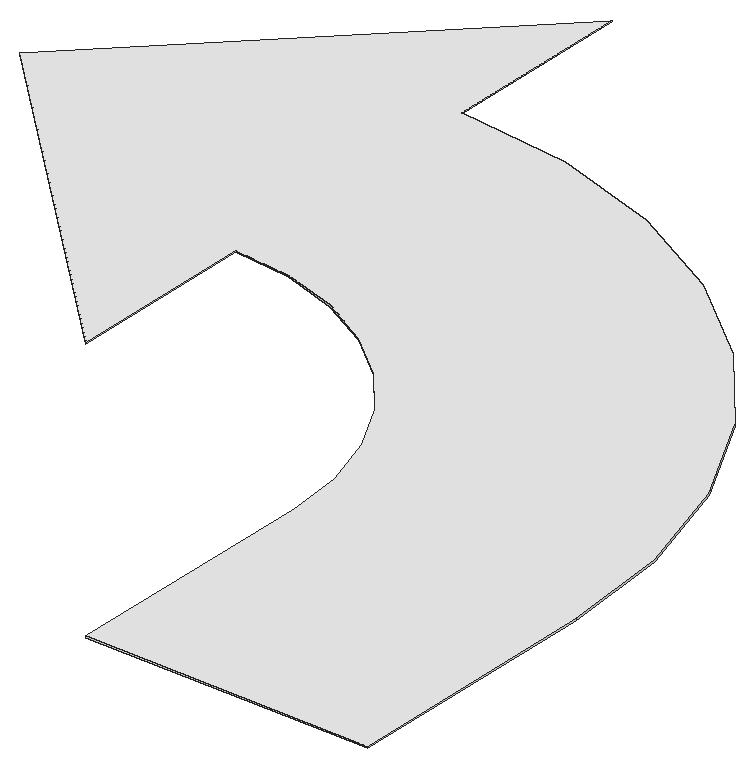
Revit family "dc845b30b54040e38d20960754cdf6cb", category Site, Revit 2021
Family settings
  Round Connector Dimension = Use Diameter
  Part Type = Normal
  Seek Item ID = Direction Arrows - Turn-0000-USA-ENU
  Work Plane-Based = No
  Always vertical = No
  Cut with Voids When Loaded = No
  Shared = No
Reference planes (in)
  plane 1 "Center (Front/Back)": y = 0
  plane 2: z = 0
  plane 3 "Center (Left/Right)": x = 0
Forms (in)
  Extrusion 1, solid, material "Paint - White"
    sketch origin (0, 0, 0) x (1, 0, 0) y (0, 1, 0)
      loop
        line (6, 0) -> (6, 11.08831)
        arc (6, 11.08831) -> (-1.16295, 28.3812) -> (-18.45584, 35.54416) r 24.45584
        line (-18.45584, 35.54416) -> (-18.45584, 43.54416) -> (-32.45584, 29.54416) -> (-18.45584, 15.54416) -> (-18.45584, 23.54416)
        arc (-18.45584, 23.54416) -> (-9.64823, 19.89592) -> (-6, 11.08831) r 12.45584
        line (-6, 11.08831) -> (-6, 0) -> (6, 0)
    from 0 to 0.0625
